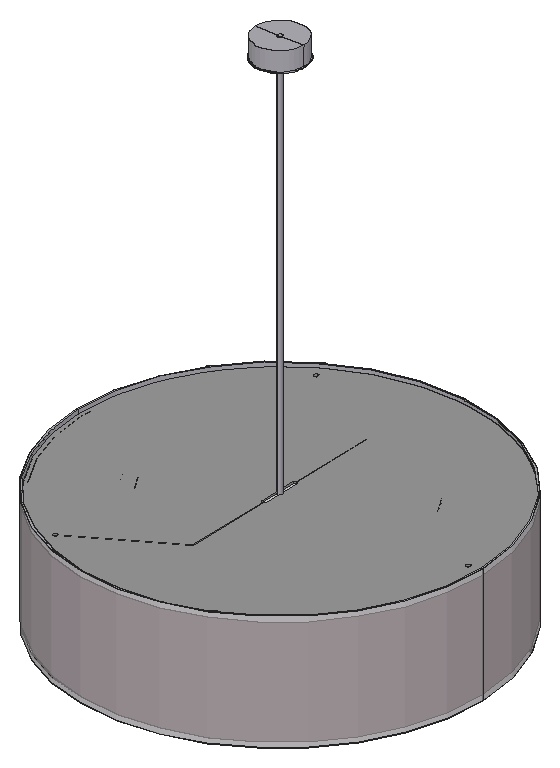
Revit family "Lighting - Lumetta - Pendant - P54814L2A", category Lighting Fixtures, host Ceiling, Revit 2015
Parameters
  Wattage = 11.7117 W
  built-in parameter 1150110 = 1 (stored number, unit not read)
  URL = "https://lumetta.com/luminaires/drum-l2-48-inch-acoustic-light/"
  Type Comments = "Drum Acoustic L2 48'' Pendant"  # constant formula
  built-in parameter 1114217 = 1 (stored number, unit not read)
  Top Lens-Material [instance] = Acrylic - 2447 - White
  Top Lens [instance] = yes
  built-in parameter 1150109 = 1 (stored number, unit not read)
  built-in parameter 1150134 = (empty or 0)
  Suspension [instance] = 2
  built-in parameter 1150113 = 1 (stored number, unit not read)
  Stem Hung-ALL Lamping [instance] = Suspension = 2  # yes
  STD-NON_DIM [instance] = not([3-4-LED])  # yes
  Model URL [instance] = "https://lumetta.com/luminaires/drum-l2-48-inch-acoustic-light/"
  Light Source Symbol Size = 0' - 1"
  Diffuser Material-Outer-Inside [instance] = Shade - Lumetta - D709-AC-Jam
  Coupling-Stems Over 60 inches [instance] = and([Stem Hung-ALL Lamping], Fixture Drop > 5' 0")  # no
  Model = "P54814L2A"  # constant formula
  Manufacturer = "Lumetta, Inc."  # constant formula
  Lumens = 1300 lm
  built-in parameter 1150115 = 1 (stored number, unit not read)
  built-in parameter 1150105 = 103.45 (stored number, unit not read)
  built-in parameter 1150137 = (empty or 0)
  built-in parameter 1150139 = (empty or 0)
  built-in parameter 1150112 = 1 (stored number, unit not read)
  built-in parameter 1150114 = 1 (stored number, unit not read)
  built-in parameter 1150132 = 1
  built-in parameter 1150102 = (empty or 0)
  built-in parameter 1150138 = (empty or 0)
  built-in parameter 1150107 = 3000 (stored number, unit not read)
  built-in parameter 1150106 = 1.0345 (stored number, unit not read)
  Frame Finish [instance] = Paint - Lumetta - F02 - PC_Chrome
  Fixture Height [instance] = 1' - 2"
  Fixture Drop [instance] = 4' - 0"
  built-in parameter 1150104 = 10.312 (stored number, unit not read)
  Dimming Lamp Color Temperature Shift = (empty or 0)
  Diffuser Material-Outer [instance] = Shade - Lumetta - D61 - MT_White
  Description = ""
  Cord [instance] = Suspension = 1  # no
  Bottom Lens-Material [instance] = Acrylic - P95 - Etched White
  Bottom Lens [instance] = yes
  3-4-LED [instance] = and([3 or 4 Wire Dimming OR LED], Suspension = 1)  # no
  3 or 4 Wire Dimming OR LED [instance] = yes
  3 Cables [instance] = Suspension = 1  # no
  1CRD-3CBL-ALL Lamping [instance] = Suspension = 1  # no
  Cord Color [instance] = Cord, Black
  Color Filter = 16777215
  built-in parameter 1114218 = 1 (stored number, unit not read)
  built-in parameter 1150133 = 10 (stored number, unit not read)
Reference planes (in)
  plane 1 "Light Source Axis (F/B)": y = 0
  plane 2 "Ceiling": z = 96
  plane 3 "Light Source Axis (L/R)": x = 0
  plane 4 "Light Source Elevation": z = 45.5
  plane 5 "Fixture-Top": z = 48
  plane 6 "Fixture-Radius": x = 24
  plane 7 "Fixture-Height": z = 34
  plane 8: through (0, 0, 0) normal (-0.5, -0.866, 0)
  plane 9: y = 0
  plane 10: through (0, 0, 0) normal (0.5, -0.866, 0)
  plane 11 "Plane-120": through (-12, 20.78461, 0) normal (0.5, -0.866, 0)
  plane 12 "Plane-240": through (-74.35383, 15.21539, 0) normal (0.5, 0.866, 0)
  plane 13: through (0, 0, 0) normal (-0.866, -0.5, 0)
  plane 14: through (0, 0, 0) normal (0.866, -0.5, 0)
Forms (in)
  Revolve 1, solid, material "Paint - Lumetta - F02 - PC_Chrome" <- "Frame Finish", visible <- "1CRD-3CBL-ALL Lamping"
    sketch origin (0, 0, 0) x (1, 0, 0) y (0, 0, 1)
      loop
        line (0, 96) -> (0, 95.4375) -> (3, 95.4375) -> (3, 95.5) -> (2.87509, 95.5) -> (2.87509, 96) -> (0, 96)
      axis (0, 96) -> (0, 95.4375)
    angle from 0 to 360
  Extrusion 2, void
    sketch origin (0, 0, 95.4375) x (0, -1, 0) y (1, 0, 0)
      loop
        circle (0, 0) r 0.25
      loop
        circle (0, 2.5) r 0.06274
      loop
        circle (-2.16506, -1.25) r 0.06274
      loop
        circle (2.16506, -1.25) r 0.06274
    from 0 to 0.06358
  Revolve 3, solid, material "Paint - Lumetta - F02 - PC_Chrome" <- "Frame Finish"
    sketch origin (0, 0, 0) x (1, 0, 0) y (0, 0, 1)
      loop
        line (24, 48) -> (23.875, 48) -> (23.875, 47.5) -> (23.375, 47.5) -> (23.375, 47.375) -> (24, 47.375) -> (24, 48)
      loop
        line (24, 34.625) -> (23.875, 34.625) -> (23.875, 34.125) -> (23.43781, 34.125) -> (23.43781, 34) -> (24, 34) -> (24, 34.625)
      axis (0, 48) -> (0, 34)
    angle from 0 to 360
  Revolve 4, solid, material "Shade - Lumetta - D61 - MT_White" <- "Diffuser Material-Outer"
    sketch origin (0, 0, 0) x (1, 0, 0) y (0, 0, 1)
      loop
        line (24, 48) -> (24, 34.00069) -> (24.06242, 34.00069) -> (24.06242, 48) -> (24, 48)
      axis (0, 48) -> (0, 34.00069)
    angle from 0 to 360
  Extrusion 5, solid, material "Paint - Lumetta - F02 - PC_Chrome" <- "Frame Finish", visible <- "Stem Hung-ALL Lamping"
    sketch origin (0, 0, 48) x (0, -1, 0) y (-1, 0, 0)
      loop
        circle (0, 0) r 0.25
    from 0.56254 to -48
  Revolve 6, solid, material "Paint - Lumetta - F02 - PC_Chrome" <- "Frame Finish", visible <- "Coupling-Stems Over 60 inches"
    sketch origin (0, 0, 0) x (1, 0, 0) y (0, 0, 1)
      loop
        line (0, 108.53023) -> (0, 108) -> (0.26233, 108)
        arc (0.26233, 108) -> (0.31307, 108.05074) -> (0.26233, 108.10149) r 0.05074
        arc (0.26233, 108.10149) -> (0.29304, 108.26499) -> (0.26243, 108.42851) r 0.45126
        arc (0.26243, 108.42851) -> (0.31329, 108.47937) -> (0.26243, 108.53023) r 0.05086
        line (0.26243, 108.53023) -> (0, 108.53023)
      axis (0, 108.53023) -> (0, 108)
    angle from 0 to 360
  Revolve 7, solid, material "Paint - Lumetta - F02 - PC_Chrome" <- "Frame Finish", visible <- "Stem Hung-ALL Lamping"
    sketch origin (0, 0, 0) x (1, 0, 0) y (0, 0, 1)
      loop
        line (0, 96) -> (0, 93.40625) -> (0.34988, 93.40625)
        arc (0.34988, 93.40625) -> (0.49124, 93.54417) -> (0.58115, 93.72) r 0.61026
        line (0.58115, 93.72) -> (3, 93.72) -> (3, 93.78) -> (2.875, 93.78) -> (2.875, 96) -> (0, 96)
      axis (0, 96) -> (0, 93.40625)
    angle from 0 to 360
  Extrusion 8, solid, material "Cord, Black" <- "Cord Color", visible <- "1CRD-3CBL-ALL Lamping"
    sketch origin (0, 0, 48) x (0, -1, 0) y (1, 0, 0)
      loop
        circle (0, 0) r 0.15674
    from -0.56254 to 48
  Extrusion 9, solid
    sketch origin (0, 0, 48) x (0, -1, 0) y (1, 0, 0)
      loop
        line (-0.5, 23.48559) -> (-0.5, 22.75) -> (0.5, 22.75) -> (0.5, 23.48559)
        arc (0.5, 23.48559) -> (0, 23.49091) -> (-0.5, 23.48559) r 23.49091
      loop
        circle (0, 23) r 0.11051
      loop
        arc (-20.54312, -11.28322) -> (-20.29774, -11.7189) -> (-20.04312, -12.14925) r 23.43781
        line (-20.04312, -12.14925) -> (-19.45208, -11.80801) -> (-19.95208, -10.94199) -> (-20.54312, -11.28322)
      loop
        circle (-19.91858, -11.5) r 0.10826
      loop
        arc (20.08912, -12.17581) -> (20.34372, -11.74545) -> (20.58912, -11.30978) r 23.49091
        line (20.58912, -11.30978) -> (19.95208, -10.94199) -> (19.45208, -11.80801) -> (20.08912, -12.17581)
      loop
        circle (19.91858, -11.5) r 0.10826
    from -0.5625 to -0.67116
  Extrusion 10, solid
    sketch origin (0, 0, 48) x (0, -1, 0) y (1, 0, 0)
      loop
        circle (0, 23) r 0.11051
      loop
        line (-0.76833, 23.23292) -> (-0.76833, 22.46921) -> (-19.87974, -10.63271) -> (-20.48613, -10.98282) -> (-19.73613, -12.28185) -> (-19.07474, -11.9) -> (19.14807, -11.9) -> (19.75447, -12.2501) -> (20.50447, -10.95107) -> (19.84307, -10.56921) -> (0.73167, 22.53271) -> (0.73167, 23.23292) -> (-0.76833, 23.23292)
      loop
        circle (0, 22.25) r 0.15796
      loop
        circle (-19.91858, -11.5) r 0.11051
      loop
        circle (-19.26907, -11.125) r 0.15796
      loop
        circle (19.91858, -11.5) r 0.11051
      loop
        circle (19.26907, -11.125) r 0.15796
      loop
        arc (17.30968, -10.2125) -> (17.49913, -10.10313) -> (17.49913, -9.88438) r 0.21875
        line (17.49913, -9.88438) -> (0.18944, 20.09688)
        arc (0.18944, 20.09688) -> (0, 20.20625) -> (-0.18944, 20.09688) r 0.21875
        line (-0.18944, 20.09688) -> (-17.49913, -9.88437)
        arc (-17.49913, -9.88437) -> (-17.49913, -10.10312) -> (-17.30968, -10.2125) r 0.21875
        line (-17.30968, -10.2125) -> (17.30968, -10.2125)
    from -0.625 to -0.67116
  Sweep 11, solid, visible <- "1CRD-3CBL-ALL Lamping"
    path origin (0, 0, 0) x (1, 0, 0) y (0, 0, 1)
      loop
        line (2.5, 95.50108) -> (22.26798, 47.4375)
    profile origin (12.38399, 0, 71.46929) x (0.924833, 0, 0.380373) y (0, -1, 0)
      loop
        circle (0, 0) r 0.03083
  Sweep 12, solid, visible <- "1CRD-3CBL-ALL Lamping"
    path origin (0, 0, 0) x (-0.5, 0.866025, 0) y (0, 0, 1)
      loop
        line (2.5, 95.50108) -> (22.26798, 47.4375)
    profile origin (-6.192, 10.72485, 71.46929) x (-0.462417, 0.800929, 0.380373) y (0.866025, 0.5, 0)
      loop
        circle (0, 0) r 0.03083
  Sweep 13, solid, visible <- "1CRD-3CBL-ALL Lamping"
    path origin (0, 0, 0) x (-0.5, -0.866025, 0) y (0, 0, 1)
      loop
        line (2.5, 95.50108) -> (22.26798, 47.4375)
    profile origin (-6.192, -10.72485, 71.46929) x (-0.462417, -0.800929, 0.380373) y (-0.866025, 0.5, 0)
      loop
        circle (0, 0) r 0.03083
  Extrusion 14, solid
    sketch origin (0, 0, 48) x (0, -1, 0) y (1, 0, 0)
      loop
        line (-12.51407, -1.25) -> (12.51407, -1.25) -> (11.07069, 1.25) -> (-11.07069, 1.25) -> (-12.51407, -1.25)
      loop
        circle (0, 0) r 0.28281
    from -0.56254 to -0.625
  Extrusion 15, solid, material "Acrylic - 2447 - White" <- "Top Lens-Material", visible <- "Top Lens"
    sketch origin (0, 0, 48) x (0, -1, 0) y (1, 0, 0)
      loop
        line (-2.50665, 0.05287) -> (-12.8083, 0.05287) -> (-19.13088, -10.89816)
        arc (-19.13088, -10.89816) -> (-19.45845, -11.31123) -> (-19.03994, -10.99064) r 0.26561
        line (-19.03994, -10.99064) -> (-12.73613, -0.07213) -> (-2.50665, -0.07213)
        arc (-2.50665, -0.07213) -> (-2.4132, -0.21734) -> (-2.25, -0.27378) r 0.26415
        line (-2.25, -0.27378) -> (2.25, -0.27378)
        arc (2.25, -0.27378) -> (2.41692, -0.21436) -> (2.50874, -0.06284) r 0.26415
        line (2.50874, -0.06284) -> (12.73077, -0.06284) -> (19.04082, -10.99217)
        arc (19.04082, -10.99217) -> (19.45768, -11.30984) -> (19.13165, -10.89949) r 0.26408
        line (19.13165, -10.89949) -> (12.80255, 0.06284) -> (2.50402, 0.06284)
        arc (2.50402, 0.06284) -> (2.40911, 0.20123) -> (2.25, 0.25453) r 0.26415
        line (2.25, 0.25453) -> (-2.25, 0.25453)
        arc (-2.25, 0.25453) -> (-2.4132, 0.19808) -> (-2.50665, 0.05287) r 0.26415
      loop
        circle (0, 22.25) r 0.26626
      loop
        circle (0, 0) r 23.84375
    from -0.5 to -0.375
  Revolve 16, solid, material "Paint - Lumetta - F02 - PC_Chrome" <- "Frame Finish", visible <- "STD-NON_DIM"
    sketch origin (0, 0, 0) x (1, 0, 0) y (0, 0, 1)
      loop
        line (0, 95.4375) -> (0, 94.87435) -> (0.28215, 94.87435) -> (0.37481, 95.4375) -> (0, 95.4375)
      axis (0, 95.4375) -> (0, 94.87435)
    angle from 0 to 360
  Revolve 17, solid, material "Paint - Lumetta - F02 - PC_Chrome" <- "Frame Finish", visible <- "3-4-LED"
    sketch origin (0, 0, 0) x (1, 0, 0) y (0, 0, 1)
      loop
        line (0, 95.4375) -> (0, 95.3765) -> (0.37481, 95.3765) -> (0.37481, 95.4375) -> (0, 95.4375)
      axis (0, 95.4375) -> (0, 95.3765)
    angle from 0 to 360
  Extrusion 18, solid, material "Acrylic - 2447 - White"
    sketch origin (0, 0, 48) x (0, -1, 0) y (1, 0, 0)
      loop
        circle (0, 0) r 15
      loop
        circle (0, 13.75) r 0.07031
      loop
        circle (-11.90785, -6.875) r 0.07031
      loop
        circle (11.90785, -6.875) r 0.07031
      loop
        circle (0, -13.75) r 0.07031
      loop
        circle (11.90785, 6.875) r 0.07031
      loop
        circle (-11.90785, 6.875) r 0.07031
      loop
        arc (-10.05433, -8.36317) -> (-10.13443, -8.74297) -> (-9.97486, -9.09682) r 0.625
        arc (-9.97486, -9.09682) -> (-5.67849, -12.24764) -> (-0.49766, -13.49082) r 13.5
        arc (-0.49766, -13.49082) -> (-0.44025, -13.47921) -> (-0.39444, -13.44273) r 0.125
        arc (-0.39444, -13.44273) -> (0, -13.25) -> (0.39444, -13.44273) r 0.5
        arc (0.39444, -13.44273) -> (0.44025, -13.47921) -> (0.49766, -13.49082) r 0.125
        arc (0.49766, -13.49082) -> (5.67849, -12.24764) -> (9.97486, -9.09682) r 13.5
        arc (9.97486, -9.09682) -> (10.13443, -8.74297) -> (10.05433, -8.36317) r 0.625
        line (10.05433, -8.36317) -> (9.23441, -6.94303)
        arc (9.23441, -6.94303) -> (9.20929, -6.84928) -> (9.23441, -6.75553) r 0.1875
        line (9.23441, -6.75553) -> (10.46767, -4.61947)
        arc (10.46767, -4.61947) -> (10.5363, -4.55084) -> (10.63005, -4.52572) r 0.1875
        line (10.63005, -4.52572) -> (12.26988, -4.52572)
        arc (12.26988, -4.52572) -> (12.63885, -4.40519) -> (12.86551, -4.09008) r 0.625
        arc (12.86551, -4.09008) -> (13.44601, 1.2061) -> (11.93223, 6.31443) r 13.5
        arc (11.93223, 6.31443) -> (11.89347, 6.35833) -> (11.83896, 6.37977) r 0.125
        arc (11.83896, 6.37977) -> (11.47484, 6.625) -> (11.44452, 7.06296) r 0.5
        arc (11.44452, 7.06296) -> (11.45321, 7.12088) -> (11.43457, 7.1764) r 0.125
        arc (11.43457, 7.1764) -> (7.76752, 11.04154) -> (2.89064, 13.18689) r 13.5
        arc (2.89064, 13.18689) -> (2.50442, 13.14816) -> (2.21555, 12.88889) r 0.625
        line (2.21555, 12.88889) -> (1.39563, 11.46875)
        arc (1.39563, 11.46875) -> (1.327, 11.40012) -> (1.23325, 11.375) r 0.1875
        line (1.23325, 11.375) -> (-1.23325, 11.375)
        arc (-1.23325, 11.375) -> (-1.327, 11.40012) -> (-1.39563, 11.46875) r 0.1875
        line (-1.39563, 11.46875) -> (-2.21555, 12.88889)
        arc (-2.21555, 12.88889) -> (-2.50442, 13.14816) -> (-2.89064, 13.18689) r 0.625
        arc (-2.89064, 13.18689) -> (-7.76752, 11.04154) -> (-11.43457, 7.1764) r 13.5
        arc (-11.43457, 7.1764) -> (-11.45321, 7.12088) -> (-11.44452, 7.06296) r 0.125
        arc (-11.44452, 7.06296) -> (-11.47484, 6.625) -> (-11.83896, 6.37977) r 0.5
        arc (-11.83896, 6.37977) -> (-11.89347, 6.35833) -> (-11.93223, 6.31443) r 0.125
        arc (-11.93223, 6.31443) -> (-13.44601, 1.2061) -> (-12.86551, -4.09008) r 13.5
        arc (-12.86551, -4.09008) -> (-12.63885, -4.40519) -> (-12.26988, -4.52572) r 0.625
        line (-12.26988, -4.52572) -> (-10.63005, -4.52572)
        arc (-10.63005, -4.52572) -> (-10.5363, -4.55084) -> (-10.46767, -4.61947) r 0.1875
        line (-10.46767, -4.61947) -> (-9.23441, -6.75553)
        arc (-9.23441, -6.75553) -> (-9.20929, -6.84928) -> (-9.23441, -6.94303) r 0.1875
        line (-9.23441, -6.94303) -> (-10.05433, -8.36317)
    from -0.8628 to -0.67116
  Extrusion 19, solid, material "Acrylic - P95 - Etched White"
    sketch origin (0, 0, 48) x (0, -1, 0) y (1, 0, 0)
      loop
        circle (0, 0) r 15
    from -10.6142 to -10.37352
  Revolve 20, solid, material "Shade - Lumetta - D709-AC-Jam" <- "Diffuser Material-Outer-Inside"
    sketch origin (0, 0, 0) x (1, 0, 0) y (0, 0, 1)
      loop
        line (23.9375, 47.375) -> (23.8125, 47.375) -> (23.8125, 34.125) -> (23.9375, 34.125) -> (23.9375, 47.375)
      axis (0, 47.375) -> (0, 34.125)
    angle from 0 to 360
  Revolve 21, solid, material "Shade - Lumetta - D61 - MT_White"
    sketch origin (0, 0, 0) x (1, 0, 0) y (0, 0, 1)
      loop
        line (15, 47.32884) -> (15, 37.375) -> (15.03125, 37.375) -> (15.03125, 47.32884) -> (15, 47.32884)
      axis (0, 47.32884) -> (0, 37.375)
    angle from 0 to 360
Dimensions and locks (in)
  equal spacing: host sketch curve, plane 3 "Light Source Axis (L/R)", host sketch curve
  equal spacing: host sketch curve, plane 1 "Light Source Axis (F/B)", host sketch curve
  host sketch curve to host sketch curve = 10' - 0"  (x2)
  "Fixture Drop": plane 2 "Ceiling" to plane 5 "Fixture-Top"
  locked: plane 5 "Fixture-Top" to plane 4 "Light Source Elevation" at 2.5
  locked: plane 6 "Fixture-Radius" to plane 3 "Light Source Axis (L/R)" at 24
  "Fixture Height": plane 5 "Fixture-Top" to plane 7 "Fixture-Height"
  locked: Extrusion 2 sketch curve to Extrusion 2 sketch curve at 2.5
  locked: plane 6 "Fixture-Radius" to Revolve 3 sketch curve at 0.125
  locked: Revolve 4 sketch curve to plane 6 "Fixture-Radius" at 0.06242
  locked: Revolve 3 to Revolve 4 at 0.12431
  locked: Extrusion 5 sketch curve to imposter light
  locked: Extrusion 5 sketch curve to imposter light at 0
  Revolve 6 sketch curve to Revolve 6 sketch curve = 0' - 0.15822"
  locked: Revolve 6 sketch curve to Revolve 4 at 60
  locked: Revolve 6 sketch curve to Revolve 6 sketch curve at 0.53023
  locked: Revolve 6 sketch curve to Revolve 6 sketch curve at 0.26243
  locked: Revolve 6 sketch curve to Revolve 6 sketch curve at 0.26233
  locked: Revolve 6 sketch curve to Revolve 6 sketch curve at 0.05074
  locked: Revolve 6 sketch curve to Revolve 6 sketch curve at 0.47937
  locked: Revolve 6 sketch curve to Revolve 6 sketch curve at 0.26512
  locked: Revolve 7 sketch curve to Revolve 7 sketch curve at 2.875
  locked: Revolve 7 sketch curve to Revolve 7 sketch curve at 0.31375
  locked: plane 5 "Fixture-Top" to Revolve 3 sketch curve at 0.625
  locked: Revolve 3 sketch curve to Revolve 3 sketch curve at 0.125
  Revolve 3 sketch curve to plane 7 "Fixture-Height" = 0' - 0 5/8"
  plane 6 "Fixture-Radius" to Revolve 3 sketch curve = 0' - 0 1/8"
  plane 6 "Fixture-Radius" to Revolve 3 sketch curve = 0' - 0 5/8"
  locked: Revolve 1 sketch curve to Revolve 1 sketch curve at 0.0625
  locked: host ceiling to Revolve 1 sketch curve at 0.5625
  locked: Revolve 1 sketch curve to Revolve 1 sketch curve at 0.5625
  Revolve 1 sketch curve to Revolve 1 sketch curve = 0' - 2.87509"
  equal spacing: Extrusion 9 sketch curve, plane 1 "Light Source Axis (F/B)", Extrusion 9 sketch curve
  locked: Extrusion 9 sketch curve to plane 1 "Light Source Axis (F/B)" at 0.5
  locked: Extrusion 9 sketch curve to plane 6 "Fixture-Radius" at 1
  locked: Extrusion 9 sketch curve to plane 6 "Fixture-Radius" at 1.25
  locked: Extrusion 10 sketch curve to plane 6 "Fixture-Radius" at 1
  locked: Extrusion 10 sketch curve to plane 6 "Fixture-Radius" at 1.75
  locked: plane 10 to plane 11 "Plane-120" at 24
  locked: plane 12 "Plane-240" to plane 8 at 24
  locked: plane 11 "Plane-120" to Extrusion 9 sketch curve at 1.25
  locked: Extrusion 9 sketch curve to plane 11 "Plane-120" at 1
  locked: plane 12 "Plane-240" to Extrusion 9 sketch curve at 1.25
  locked: Extrusion 9 sketch curve to plane 12 "Plane-240" at 1
  locked: Extrusion 10 sketch curve to plane 11 "Plane-120" at 0.76708
  locked: Extrusion 10 sketch curve to plane 12 "Plane-240" at 0.76708
  locked: Extrusion 10 sketch curve to plane 6 "Fixture-Radius" at 0.76708
  locked: Extrusion 10 sketch curve to plane 12 "Plane-240" at 1
  locked: Extrusion 10 sketch curve to plane 12 "Plane-240" at 1.75
  locked: Extrusion 10 sketch curve to plane 11 "Plane-120" at 1
  locked: Extrusion 10 sketch curve to plane 11 "Plane-120" at 1.75
  equal spacing: Extrusion 9 sketch curve, plane 13, Extrusion 9 sketch curve, locked at 0.5 each
  equal spacing: Extrusion 9 sketch curve, plane 14, Extrusion 9 sketch curve
  locked: plane 10 to Extrusion 2 sketch curve at 2.5
  locked: Extrusion 2 sketch curve to plane 8 at 2.5
  locked: Extrusion 10 sketch curve to Extrusion 10 sketch curve at 1.6875  (x3)
  locked: Extrusion 10 sketch curve to Extrusion 10 sketch curve at 1.5  (x3)
  plane 3 "Light Source Axis (L/R)" to Extrusion 14 sketch curve = 0' - 1 1/4"
  Extrusion 14 sketch curve to plane 3 "Light Source Axis (L/R)" = 0' - 1 1/4"
  locked: Extrusion 14 sketch curve to Extrusion 10 at 1.6875  (x2)
  locked: Extrusion 15 sketch curve to plane 9 at 2.25
  locked: Extrusion 15 sketch curve to plane 3 "Light Source Axis (L/R)" at 0.07213
  locked: plane 3 "Light Source Axis (L/R)" to Extrusion 15 sketch curve at 0.05287
  locked: plane 3 "Light Source Axis (L/R)" to Extrusion 15 sketch curve at 0.06284
  locked: Extrusion 15 sketch curve to plane 3 "Light Source Axis (L/R)" at 0.06284
  locked: Extrusion 15 sketch curve to plane 3 "Light Source Axis (L/R)" at 0.00963  (x2)
  locked: Extrusion 15 sketch curve to plane 11 "Plane-120" at 1.75
  locked: Extrusion 15 sketch curve to plane 12 "Plane-240" at 1.75
  locked: Extrusion 15 sketch curve to plane 6 "Fixture-Radius" at 1.75
  locked: Extrusion 15 sketch curve to Extrusion 10 at 0.78125  (x2)
  locked: Extrusion 15 sketch curve to Extrusion 15 sketch curve at 0.125  (x2)
  Extrusion 15 to plane 3 "Light Source Axis (L/R)" = 0' - 0.07213"
  locked: plane 5 "Fixture-Top" to Extrusion 15 at 0.375
  locked: Revolve 1 sketch curve to Revolve 1 sketch curve at 3
  locked: Revolve 1 sketch curve to Revolve 1 sketch curve at 2.87509
  locked: Revolve 16 sketch curve to Revolve 16 sketch curve at 0.37481
  locked: Revolve 16 sketch curve to Revolve 16 sketch curve at 0.28215
  locked: Revolve 1 to Revolve 16 sketch curve at 0.56315
  locked: Revolve 1 to Revolve 17 sketch curve at 0.061
  locked: plane 3 "Light Source Axis (L/R)" to Revolve 17 sketch curve at 0.37481
  locked: Extrusion 18 sketch curve to plane 3 "Light Source Axis (L/R)" at 0
  locked: Extrusion 18 sketch curve to plane 9 at 0
  Extrusion 18 to Extrusion 18 = 0' - 0.19164"
  Extrusion 18 to Extrusion 19 = 0' - 9.94304"
  locked: Extrusion 19 to Extrusion 19 at 0.24068
  locked: Revolve 20 sketch curve to Revolve 3  (x2)
  locked: plane 6 "Fixture-Radius" to Revolve 20 sketch curve at 0.0625
  locked: Revolve 20 sketch curve to Revolve 20 sketch curve at 0.125
  locked: Extrusion 19 to Revolve 21 sketch curve at 0.0108
  locked: Revolve 21 sketch curve to plane 3 "Light Source Axis (L/R)" at 15
  locked: Revolve 21 sketch curve to Revolve 21 sketch curve at 0.03125
  locked: Revolve 21 sketch curve to Extrusion 10 at 0
  locked: Extrusion 15 sketch curve to Extrusion 15 sketch curve (radius 1' - 11 27/32")
  aligned and locked: plane 3 "Light Source Axis (L/R)" to imposter light
  aligned and locked: plane 1 "Light Source Axis (F/B)" to imposter light
  aligned and locked: plane 4 "Light Source Elevation" to imposter light
  aligned and locked: Revolve 4 sketch curve to plane 3 "Light Source Axis (L/R)"
  aligned and locked: Revolve 6 sketch curve to Revolve 6 sketch curve  (x2)
  aligned and locked: host ceiling to Extrusion 5
  aligned and locked: Extrusion 9 to Extrusion 10
  aligned and locked: Extrusion 9 sketch curve to Revolve 3
  aligned and locked: host ceiling to Extrusion 8
  aligned and locked: Extrusion 5 to Extrusion 14
  aligned and locked: Extrusion 15 sketch curve to Extrusion 15 sketch curve  (x2)
  aligned and locked: Extrusion 15 to Revolve 3
  aligned and locked: Extrusion 18 to Extrusion 10
Automatic sketch dimensions
  Revolve 4 sketch curve to plane 6 "Fixture-Radius" = 0' - 0"
  Revolve 4 sketch curve to plane 7 "Fixture-Height" = 0' - 0.00069"
  Revolve 4 sketch curve to plane 5 "Fixture-Top" = 0' - 0"
  plane 7 "Fixture-Height" to Revolve 4 sketch curve = 0' - 1 1/4"
  Revolve 4 sketch curve to plane 5 "Fixture-Top" = 0' - 2 1/4"
  Revolve 6 sketch curve to plane 3 "Light Source Axis (L/R)" = 0' - 0"
  Revolve 6 sketch curve to Revolve 6 sketch curve = 0' - 11.34317"
  Revolve 7 sketch curve to plane 3 "Light Source Axis (L/R)" = 0' - 0"  (x3)
  Revolve 7 sketch curve to plane 2 "Ceiling" = 0' - 0"
  plane 3 "Light Source Axis (L/R)" to Revolve 7 sketch curve = 0' - 0.34988"
  Revolve 7 sketch curve to Revolve 7 sketch curve = 0' - 0.23126"
  Revolve 7 sketch curve to Revolve 7 sketch curve = 0' - 0 1/8"
  Revolve 7 sketch curve to plane 2 "Ceiling" = 0' - 2 3/32"
  Revolve 7 sketch curve to Revolve 7 sketch curve = 0' - 0.06"
  plane 2 "Ceiling" to Revolve 7 sketch curve = 0' - 1 3/4"
  Revolve 7 sketch curve to Revolve 7 sketch curve = 0' - 2 1/2"
  plane 1 "Light Source Axis (F/B)" to Extrusion 8 sketch curve = 0' - 0"
  Extrusion 8 sketch curve to plane 3 "Light Source Axis (L/R)" = 0' - 0"
  Revolve 3 sketch curve to plane 3 "Light Source Axis (L/R)" = 0' - 0"
  Revolve 3 sketch curve to plane 7 "Fixture-Height" = 0' - 0"
  Revolve 3 sketch curve to plane 5 "Fixture-Top" = 0' - 0"
  Revolve 3 sketch curve to plane 6 "Fixture-Radius" = 0' - 0"  (x2)
  Revolve 3 sketch curve to level = 0' - 10"
  Revolve 3 sketch curve to plane 2 "Ceiling" = 0' - 1"
  Revolve 3 sketch curve to Revolve 3 sketch curve = 0' - 0.43719"
  Revolve 3 sketch curve to Revolve 3 sketch curve = 0' - 0 1/8"
  Extrusion 9 sketch curve to Extrusion 9 sketch curve = 0' - 0"  (x2)
  plane 1 "Light Source Axis (F/B)" to Extrusion 9 sketch curve = 0' - 0"  (x2)
  Extrusion 9 sketch curve to Extrusion 9 sketch curve = 0' - 0.03349"  (x2)
  Extrusion 9 sketch curve to Extrusion 9 sketch curve = 0' - 0.17053"
  Extrusion 9 sketch curve to plane 6 "Fixture-Radius" = 0' - 0.51441"
  Extrusion 9 sketch curve to plane 3 "Light Source Axis (L/R)" = 0' - 0"
  plane 14 to Extrusion 9 sketch curve = 0' - 0"
  plane 13 to Extrusion 9 sketch curve = 0' - 0"
  Extrusion 2 sketch curve to Revolve 1 = 0' - 0"
  Extrusion 2 sketch curve to Extrusion 2 sketch curve = 0' - 1 1/4"  (x2)
  Sweep 11 sketch curve to plane 1 "Light Source Axis (F/B)" = 0' - 0"
  Sweep 11 sketch curve to profile plane = 0' - 0"
  Sweep 12 sketch curve to profile plane = 0' - 0"
  profile plane to Sweep 12 sketch curve = 0' - 0"
  profile plane to Sweep 13 sketch curve = 0' - 0"  (x2)
  plane 13 to Extrusion 10 sketch curve = 0' - 0"  (x3)
  plane 1 "Light Source Axis (F/B)" to Extrusion 10 sketch curve = 0' - 0"  (x3)
  plane 14 to Extrusion 10 sketch curve = 0' - 0"  (x2)
  Extrusion 10 sketch curve to plane 14 = 0' - 0"
  Extrusion 10 sketch curve to Extrusion 10 sketch curve = 0' - 0.18245"
  Extrusion 10 sketch curve to plane 1 "Light Source Axis (F/B)" = 0' - 0.18944"
  plane 1 "Light Source Axis (F/B)" to Extrusion 10 sketch curve = 0' - 0.18944"
  plane 1 "Light Source Axis (F/B)" to Extrusion 10 sketch curve = 0' - 0.73167"
  Extrusion 10 sketch curve to Extrusion 10 sketch curve = 0' - 0.121"
  Extrusion 10 sketch curve to Extrusion 10 sketch curve = 0' - 0 7/64"
  Extrusion 10 sketch curve to Extrusion 10 sketch curve = 0' - 1.95938"
  Extrusion 10 sketch curve to Extrusion 10 sketch curve = 0' - 0 7/32"
  Extrusion 10 sketch curve to Extrusion 10 sketch curve = 0' - 0.18944"  (x2)
  Extrusion 10 sketch curve to Extrusion 10 sketch curve = 0' - 0.6064"
  Extrusion 10 sketch curve to Extrusion 10 sketch curve = 0' - 0.66139"
  plane 1 "Light Source Axis (F/B)" to Extrusion 14 sketch curve = 0' - 0"
  Extrusion 14 sketch curve to plane 3 "Light Source Axis (L/R)" = 0' - 0"
  plane 13 to Extrusion 15 sketch curve = 0' - 0"
  plane 1 "Light Source Axis (F/B)" to Extrusion 15 sketch curve = 0' - 0"  (x2)
  plane 14 to Extrusion 15 sketch curve = 0' - 0"
  Extrusion 15 sketch curve to plane 3 "Light Source Axis (L/R)" = 0' - 0"
  plane 1 "Light Source Axis (F/B)" to Extrusion 15 sketch curve = 0' - 2 1/4"
  Extrusion 15 sketch curve to Extrusion 15 sketch curve = 0' - 0.25665"
  Extrusion 15 sketch curve to Extrusion 15 sketch curve = 0' - 0.13436"
  Extrusion 15 sketch curve to Extrusion 15 sketch curve = 0' - 0.09083"
  Revolve 1 sketch curve to plane 3 "Light Source Axis (L/R)" = 0' - 0"  (x2)
  Revolve 1 sketch curve to plane 5 "Fixture-Top" = 0' - 1 1/4"
  Revolve 1 sketch curve to Revolve 1 sketch curve = 0' - 9 3/4"
  Revolve 16 sketch curve to plane 3 "Light Source Axis (L/R)" = 0' - 0"  (x2)
  Revolve 16 sketch curve to plane 2 "Ceiling" = 0' - 0 9/16"
  Revolve 16 sketch curve to Revolve 16 sketch curve = 0' - 1.18685"
  plane 2 "Ceiling" to Revolve 16 sketch curve = 0' - 6 11/16"
  Revolve 17 sketch curve to plane 3 "Light Source Axis (L/R)" = 0' - 0"  (x2)
  Revolve 17 sketch curve to Revolve 17 sketch curve = 0' - 0.061"
  Revolve 17 sketch curve to Revolve 17 sketch curve = 0' - 0.82606"
  Revolve 17 sketch curve to plane 2 "Ceiling" = 0' - 0 1/4"
  Sweep 13 sketch curve to plane 2 "Ceiling" = 0' - 0.49892"
  plane 8 to Sweep 13 sketch curve = 0' - 2 1/2"
  plane 12 "Plane-240" to Sweep 13 sketch curve = 0' - 1.73202"
  Sweep 12 sketch curve to plane 2 "Ceiling" = 0' - 0.49892"
  Sweep 12 sketch curve to plane 10 = 0' - 2 1/2"
  plane 11 "Plane-120" to Sweep 12 sketch curve = 0' - 1.73202"
  Sweep 11 sketch curve to plane 2 "Ceiling" = 0' - 0.49892"
  plane 3 "Light Source Axis (L/R)" to Sweep 11 sketch curve = 0' - 2 1/2"
  plane 5 "Fixture-Top" to Sweep 11 sketch curve = 0' - 0 9/16"
  Sweep 11 sketch curve to plane 6 "Fixture-Radius" = 0' - 1.73202"
  plane 5 "Fixture-Top" to Sweep 13 sketch curve = 0' - 0 9/16"
  plane 5 "Fixture-Top" to Sweep 12 sketch curve = 0' - 0 9/16"
  Extrusion 18 sketch curve to Extrusion 18 sketch curve = 0' - 0"  (x35)
  Extrusion 18 sketch curve to Extrusion 18 sketch curve = 0' - 0.36203"  (x2)
  Extrusion 18 sketch curve to Extrusion 18 sketch curve = 0' - 0.08611"
  Extrusion 18 sketch curve to Extrusion 18 sketch curve = 0' - 0.57916"  (x2)
  Extrusion 18 sketch curve to Extrusion 18 sketch curve = 0' - 1.63984"  (x2)
  Extrusion 18 sketch curve to Extrusion 18 sketch curve = 0' - 0.16238"  (x6)
  Extrusion 18 sketch curve to Extrusion 18 sketch curve = 0' - 1.85352"  (x2)
  Extrusion 18 sketch curve to Extrusion 18 sketch curve = 0' - 0.54127"  (x4)
  Extrusion 18 sketch curve to Extrusion 18 sketch curve = 0' - 0.65754"
  Extrusion 18 sketch curve to Extrusion 18 sketch curve = 0' - 8.57187"  (x2)
  Extrusion 18 sketch curve to Extrusion 18 sketch curve = 0' - 0.81992"  (x2)
  Extrusion 18 sketch curve to Extrusion 18 sketch curve = 0' - 9.02001"
  Extrusion 18 sketch curve to Extrusion 18 sketch curve = 0' - 9.23441"
  Extrusion 18 sketch curve to Extrusion 18 sketch curve = 0' - 0.49305"  (x3)
  Extrusion 18 sketch curve to Extrusion 18 sketch curve = 0' - 2.21555"
  Extrusion 18 sketch curve to Extrusion 18 sketch curve = 0' - 2.46651"
  Extrusion 18 sketch curve to Extrusion 18 sketch curve = 0' - 8.74136"
  Extrusion 18 sketch curve to Extrusion 18 sketch curve = 0' - 0.27865"
  Extrusion 18 sketch curve to Extrusion 18 sketch curve = 0' - 1.23325"
  Extrusion 18 sketch curve to Extrusion 18 sketch curve = 0' - 0.38409"  (x2)
  Extrusion 18 sketch curve to Extrusion 18 sketch curve = 0' - 4.69024"  (x2)
  Extrusion 18 sketch curve to Extrusion 18 sketch curve = 0' - 0 5/16"  (x4)
  Extrusion 18 sketch curve to Extrusion 18 sketch curve = 0' - 1.42014"  (x2)
  Extrusion 18 sketch curve to Extrusion 18 sketch curve = 0' - 1.48817"  (x2)
  Extrusion 18 sketch curve to Extrusion 18 sketch curve = 0' - 0 3/32"  (x6)
  Extrusion 18 sketch curve to Extrusion 18 sketch curve = 0' - 2.13606"  (x2)
  Extrusion 18 sketch curve to Extrusion 18 sketch curve = 0' - 0 5/8"  (x2)
  Extrusion 18 sketch curve to Extrusion 18 sketch curve = 0' - 4.61947"
  Extrusion 18 sketch curve to Extrusion 18 sketch curve = 0' - 10.15668"  (x2)
  Extrusion 18 sketch curve to Extrusion 18 sketch curve = 0' - 0.61904"  (x2)
  Extrusion 18 sketch curve to Extrusion 18 sketch curve = 0' - 0.23495"  (x2)
  Extrusion 18 sketch curve to Extrusion 18 sketch curve = 0' - 4.26505"
  Extrusion 18 sketch curve to Extrusion 18 sketch curve = 0' - 1.10764"  (x2)
  Extrusion 18 sketch curve to Extrusion 18 sketch curve = 0' - 0.86111"
  plane 1 "Light Source Axis (F/B)" to Extrusion 19 sketch curve = 0' - 0"
  Extrusion 19 sketch curve to plane 3 "Light Source Axis (L/R)" = 0' - 0"
  Revolve 20 sketch curve to plane 3 "Light Source Axis (L/R)" = 0' - 0"
  level to Revolve 20 sketch curve = 0' - 1 3/8"
  plane 4 "Light Source Elevation" to Revolve 20 sketch curve = 0' - 3 1/8"
  Revolve 21 sketch curve to plane 3 "Light Source Axis (L/R)" = 0' - 0"
  plane 4 "Light Source Elevation" to Revolve 21 sketch curve = 0' - 5 5/8"
  plane 4 "Light Source Elevation" to Revolve 21 sketch curve = 0' - 0 5/8"
  radius of Extrusion 5 sketch curve = 0' - 0 1/4"
  radius of Extrusion 8 sketch curve = 0' - 0.15674"
  radius of Extrusion 9 sketch curve = 0' - 0.11051"
  radius of Extrusion 9 sketch curve = 0' - 0.10826"  (x2)
  radius of Extrusion 2 sketch curve = 0' - 0.06274"  (x3)
  radius of Sweep 11 sketch curve = 0' - 0.03083"
  radius of Sweep 12 sketch curve = 0' - 0.03083"
  radius of Sweep 13 sketch curve = 0' - 0.03083"
  radius of Extrusion 10 sketch curve = 0' - 0.11051"  (x3)
  radius of Extrusion 10 sketch curve = 0' - 0.15796"  (x3)
  radius of Extrusion 14 sketch curve = 0' - 0.28281"
  radius of Extrusion 15 sketch curve = 0' - 0.26626"
  radius of Extrusion 2 sketch curve to Revolve 1 = 0' - 2 3/4"
  radius of Extrusion 18 sketch curve = 1' - 3"
  radius of Extrusion 18 sketch curve = 0' - 0 9/128"  (x6)
  radius of Extrusion 19 sketch curve = 1' - 3"
